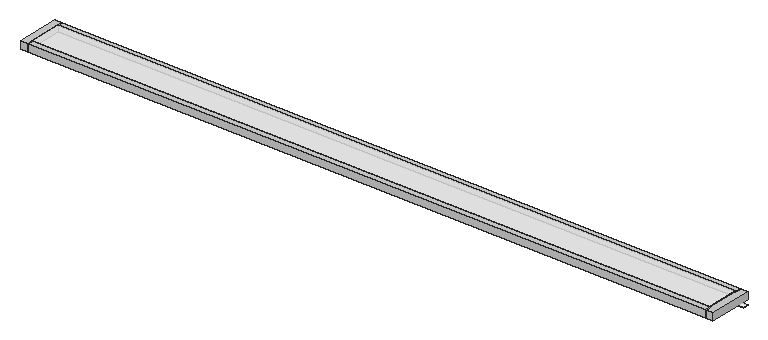
Revit family "Alcon-14054-S-6-Revit-Family", category Lighting Fixtures, host Face, Revit 2025
Family settings
  Host = Face
  Round Connector Dimension = Use Diameter
  Part Type = Normal
  Cut with Voids When Loaded = No
  Light Source = Yes
  Maintain Annotation Orientation = No
  Shared = No
  Room Calculation Point = No
Parameters (values of type "Refer To Type Catalog")
  Wattage Comments = "46"
  Wattage = 0 W
  built-in parameter 1150110 = 1 (stored number, unit not read)
  Voltage [instance] = 120 V
  URL = "https://www.alconlighting.com/14054-s-6.html"
  Tilt Angle = 90.00°
  built-in parameter 1150109 = 1 (stored number, unit not read)
  built-in parameter 1150134 = (empty or 0)
  built-in parameter 1150113 = 1 (stored number, unit not read)
  Specification Sheet URL = "https://www.alconlighting.com/specsheets/alcon/Alcon-14054-Spec-Sheet.pdf"
  Run Length = 8' - 0"
  Right End Cap (disable if necessary for continuous run) [instance] = yes
  Powerbox Feed (disable in continuous feed) [instance] = yes
  Plan Symbol = yes
  Photometric Web File = "generic"
  built-in parameter 1150142 = (empty or 0)
  Model = "14054-S-6"
  Left End Cap (disable if necessary for continuous run) = yes
  Emit from Line Length = Run Length  # 8' - 0"
  Diffuser Material = SPR - Diffuser
  Number of Lamps = "1"
  Manufacturer = "Alcon Lighting"
  built-in parameter 1150105 = (empty or 0)
  Luminaire Width = 0' - 4 1/4"
  Luminaire Length = Run Length  # 8' - 0"
  Luminaire Depth = 0' - 5 5/8"
  Lumens Per Lamp = 0
  Lumens = 0 lm
  built-in parameter 1150115 = 1 (stored number, unit not read)
  built-in parameter 1114217 = 1 (stored number, unit not read)
  built-in parameter 1150137 = (empty or 0)
  built-in parameter 1150139 = (empty or 0)
  Housing Material = SPR - Housing
  built-in parameter 1150112 = 1 (stored number, unit not read)
  built-in parameter 1150114 = 1 (stored number, unit not read)
  Lamp = "LED"
  built-in parameter 1150132 = 2
  built-in parameter 1150102 = (empty or 0)
  built-in parameter 1150107 = 3500 (stored number, unit not read)
  built-in parameter 1150138 = (empty or 0)
  built-in parameter 1150106 = (empty or 0)
  IES File URL = "[IES File URL]"
  Host Thickness = 1' - 0"  # constant formula
  Emergency Fixture [instance] = no
  built-in parameter 1150104 = 13.8 (stored number, unit not read)
  Dimming Lamp Color Temperature Shift = <None>
  Description = "Slim Linear Surface Light"
  Default Elevation = 0' - 0"
  Copyright = "© Copyright 2025  Alcon Lighting"
  Connector Offset = 0' - 6"  # constant formula
  Color Filter = 16777215
  built-in parameter 1114216 [instance] = 1 (stored number, unit not read)
  Catalog Number = ""
  built-in parameter 1140040 [instance] = 1
  Brand = "Alcon Lighting"
  built-in parameter 1114218 = 1 (stored number, unit not read)
  built-in parameter 1150133 = 10 (stored number, unit not read)
  Assembly Code = ""
  Apparent Load = 0 VA
Reference planes (in)
  plane 1: z = 0
  plane 2 "Connector Location": z = -6
  plane 3 "Left/Right": x = 17.62694
  plane 4 "Front/Back": y = 0
  plane 5: y = -2.02376
  plane 6: x = 17.62694
Forms (in)
  Extrusion 1, solid, material "SPR - Housing" <- "Housing Material", visible <- "Left End Cap (disable if necessary for continuous run)"
    sketch origin (-7.08953, 0.62717, -5.97371) x (0, 0, 1) y (0, -1, 0)
      loop
        line (6.97371, -2.37283) -> (6.97371, -1.62283) -> (6.22371, -1.62283) -> (6.22371, 2.87717) -> (6.97371, 2.87717) -> (6.97371, 3.62717) -> (5.97371, 3.62717) -> (5.97371, -2.37283) -> (6.97371, -2.37283)
    from -22.28353 to 71.71453
  Extrusion 2, solid, material "SPR - Diffuser" <- "Diffuser Material"
    sketch origin (-7.08953, 0.62717, -5.97371) x (0, 0, 1) y (0, -1, 0)
      loop
        line (5.17371, -1.68111) -> (5.17371, -2.46861) -> (5.22208, -2.46861) -> (5.22208, -1.68111) -> (5.17371, -1.68111)
    from -23.28353 to 72.71647
  Extrusion 3, solid, material "SPR - Diffuser" <- "Diffuser Material"
    sketch origin (17.62694, 0, 0) x (0, 1, 0) y (0, 0, 1)
      loop
        line (-2.25, 1) -> (-2.25, 0.96875) -> (2.25, 0.96875) -> (2.25, 1) -> (-2.25, 1)
    from -47 to 46.99806
  Extrusion 4, solid, material "SPR - Housing" <- "Housing Material", visible <- "Left End Cap (disable if necessary for continuous run)"
    sketch origin (17.62694, 0, 0) x (0, 1, 0) y (0, 0, -1)
      loop
        line (2.96593, -1) -> (2.96593, 0) -> (-3, 0) -> (-3, -1) -> (2.96593, -1)
    from 47 to 48
  Extrusion 5, solid, material "SPR - Housing" <- "Housing Material", visible <- "Left End Cap (disable if necessary for continuous run)"
    sketch origin (17.625, 0, 0) x (0, 1, 0) y (0, 0, 1)
      loop
        line (3, 1) -> (-3, 1) -> (-3, 0) -> (3, 0) -> (3, 1)
    from 47 to 48.00194
Dimensions and locks (in)
  "Connector Offset": level to plane 2 "Connector Location"
  "Run Length": Extrusion 5 to Extrusion 4
  equal spacing: Extrusion 4, plane 6, Extrusion 5
  locked: Extrusion 4 to Extrusion 4 at 1
  locked: Extrusion 5 to Extrusion 5 at 1.00194
  aligned and locked: host face to plane 1
  aligned and locked: Extrusion 1 to Extrusion 5
  aligned and locked: Extrusion 1 to Extrusion 4
  aligned and locked: Extrusion 3 to Extrusion 5
  aligned and locked: Extrusion 3 to Extrusion 4
Automatic sketch dimensions
  host sketch curve to host sketch curve = 20' - 7.58827"
  host sketch curve to host sketch curve = 8' - 0"
  level to Extrusion 3 sketch curve = 0' - 1"
  plane 4 "Front/Back" to Extrusion 3 sketch curve = 0' - 2 1/4"
  Extrusion 3 sketch curve to Extrusion 3 sketch curve = 0' - 4 1/2"
  level to Extrusion 3 sketch curve = 0' - 0 31/32"
  Extrusion 2 sketch curve to level = 0' - 0.8"
  Extrusion 2 sketch curve to Extrusion 2 sketch curve = 0' - 0.04837"
  Extrusion 2 sketch curve to plane 4 "Front/Back" = 0' - 2.30828"
  Extrusion 2 sketch curve to Extrusion 2 sketch curve = 0' - 0.7875"
  Extrusion 1 sketch curve to level = 0' - 0"
  level to Extrusion 1 sketch curve = 0' - 0 1/4"
  Extrusion 1 sketch curve to Extrusion 1 sketch curve = 0' - 0 3/4"  (x3)
  Extrusion 1 sketch curve to plane 4 "Front/Back" = 0' - 3"
  Extrusion 1 sketch curve to plane 5 = 0' - 0.22624"
  Extrusion 1 sketch curve to plane 5 = 0' - 0.97624"
  Extrusion 5 sketch curve to level = 0' - 0"
  Extrusion 5 sketch curve to plane 5 = 0' - 0.97624"
  Extrusion 5 sketch curve to plane 4 "Front/Back" = 0' - 3"
  level to Extrusion 5 sketch curve = 0' - 1"
  Extrusion 4 sketch curve to level = 0' - 0"
  Extrusion 4 sketch curve to plane 5 = 0' - 0.97624"
  Extrusion 4 sketch curve to plane 4 "Front/Back" = 0' - 2.96593"
  level to Extrusion 4 sketch curve = 0' - 1"
Nested families (in)
  nested 1: "Recessed Rectangle (Symbol)" at (17.62694, 0.61413, 0), Length <- "Run Length", visible <- "Plan Symbol", type "Recessed Rectangle (Symbol)"
    with Width 0' - 5.27579", Length 8' - 0"
Definition of nested family "Recessed Rectangle (Symbol)"
  Parameters
    Width [instance] = 2' - 0"
    Length [instance] = 4' - 0"
    Assembly Code = ""
  Reference planes (in)
    plane 1 "Center (Front/Back)": y = 0
    plane 2: z = 0
    plane 3 "Center (Left/Right)": x = 0
    plane 4: x = 24
    plane 5: x = -24
    plane 6: y = 12
    plane 7: y = -12
  Lines and regions (in)
    detail lines, in view "Ref. Level"
      curve 1: line (-24, 12, 0) -> (24, 12, 0)
      curve 2: line (24, 12, 0) -> (24, -12, 0)
      curve 3: line (24, -12, 0) -> (-24, -12, 0)
      curve 4: line (-24, 12, 0) -> (-24, -12, 0)
      curve 5: line (-24, 12, 0) -> (24, -12, 0)
      curve 6: line (-10, -12, 0) -> (-10, -13, 0)
      curve 7: line (-10, -13, 0) -> (-9.46967, -12.46967, 0)
      curve 8: line (-10, -13, 0) -> (-10.53033, -12.46967, 0)
      curve 9: line (10, -12, 0) -> (10, -13, 0)
      curve 10: line (10, -13, 0) -> (9.46967, -12.46967, 0)
      curve 11: line (10, -13, 0) -> (10.53033, -12.46967, 0)
  Dimensions and locks (in)
    equal spacing: plane 5, plane 3 "Center (Left/Right)", plane 4
    equal spacing: plane 7, plane 1 "Center (Front/Back)", plane 6
    "Width": plane 7 to plane 6
    "Length": plane 5 to plane 4
  Automatic sketch dimensions
    curve 1 to plane 5 = 0' - 0"
    curve 6 to plane 7 = 0' - 0"
    curve 2 to plane 4 = 0' - 0"
    plane 6 to curve 5 = 0' - 0"
    curve 8 to plane 7 = 0' - 0.46967"
    curve 8 to plane 3 "Center (Left/Right)" = 0' - 10.53033"
    curve 8 to plane 7 = 0' - 1"
    curve 8 to curve 8 = 0' - 0.53033"
    curve 7 to plane 7 = 0' - 0.46967"
    curve 10 to plane 7 = 0' - 0.46967"
    plane 3 "Center (Left/Right)" to curve 10 = 0' - 9.46967"
    curve 11 to plane 7 = 0' - 1"
    curve 10 to curve 11 = 0' - 0.53033"
    curve 11 to plane 7 = 0' - 0.46967"
